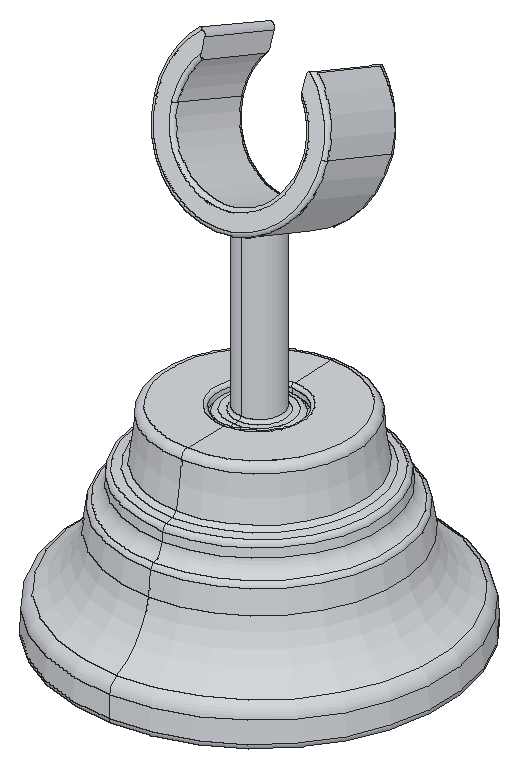
Revit family "Accessory-Handshower_Holder-KOHLER-Bancroft-K-10599", category Specialty Equipment, host Face, Revit 2015
Parameters (values of type "CP-Polished Chrome")
  Width = 2 1/2"  # constant formula
  URL = "https://www.us.kohler.com/us/"
  Type = 1
  Product Page URL = "http://www.us.kohler.com/us/catalog/productDetails.jsp?productNumber=10599"
  Product Name = "Bancroft"  # constant formula
  Product Documentation Link = "http://www.us.kohler.com/onlinecatalog/pdf/K-10599_spec.pdf"
  Model = if(Type = 1, "K-10599-CP", if(Type = 2, "K-10599-SN", if(Type = 3, "K-10599-BN", if(Type = 4, "K-10599-BV", if(Type = 5, "K-10599-2BZ", if(Type = 6, "K-10599-BKB", "NA"))))))  # "K-10599-CP"
  Material = "Solid Brass Construction"  # constant formula
  MasterFormat 2004 = "10.28.13"  # constant formula
  MasterFormat 1995 = "10820"  # constant formula
  Manufacturer Address = "444 Highland Dr, Kohler, WI 53044"  # constant formula
  Manufacturer = "KOHLER Co."  # constant formula
  Length = 3 1/2"  # constant formula
  Height = 2 1/2"  # constant formula
  Finish = Kohler-Metal-CP-Polished_Chrome
  Environmental Product Declaration = ""
  Description = "Adjustable wall-mount handshower holder"  # constant formula
  Default Elevation = 42"
  Declare Label = ""
  Date Modified = "11/21/2018"  # constant formula
  Date Created = "11/21/2018"  # constant formula
  Copyright = "Copyright KOHLER Co."  # constant formula
  Contact Us = "https://www.us.kohler.com/us/static/contact.jsp"
  Assembly Code = "C1030200"
  ADA Compliant = 1 = 0  # no
Types (7): name | Type | Model | Finish
  (no name) | 1 | "K-10599-CP" | Kohler-Metal-CP-Polished_Chrome
  CP-Polished Chrome | 1 | "K-10599-CP" | Kohler-Metal-CP-Polished_Chrome
  SN-Vibrant Polished Nickel | 2 | "K-10599-SN" | Kohler-Metal-SN-Vibrant_Polished_Nickel
  BN-Vibrant Brushed Nickel | 3 | "K-10599-BN" | Kohler-Metal-BN-Vibrant_Brushed_Nickel
  BV-Vibrant Brushed Bronze | 4 | "K-10599-BV" | Kohler-Metal-BV-Brushed_Bronze
  2BZ-Oil Rubbed Bronze | 5 | "K-10599-2BZ" | Kohler-Metal-2BZ-Oil_Rubbed_Bronze
  BKB-Brushed Black | 6 | "K-10599-BKB" | Kohler-Metal-BKB-Brushed_Black
Reference planes (in)
  plane 1 "Center (Front/Back)": y = 0
  plane 2: z = 0
  plane 3 "Center (Left/Right)": x = 0
  plane 4: x = -1.25
  plane 5: x = 1.25
  plane 6: z = 3.5
  plane 7: y = 1.25
  plane 8: y = -1.25
Dimensions and locks (in)
  "Width": plane 4 to plane 5
  "Height": plane 8 to plane 7
  "Length": plane 6 to level
  aligned and locked: plane 2 to host face
  aligned and locked: level to host face
Automatic sketch dimensions
  host sketch curve to host sketch curve = 96"  (x2)
Nested families (in)
  nested 1: "K-10599" at (0, 0, 0), type "K-10599"
Definition of nested family "K-10599"
  Parameters (values of type "K-10599")
    Material = none
  Reference planes (in)
    plane 1 "Center (Front/Back)": y = 0
    plane 2: z = 0
    plane 3 "Center (Left/Right)": x = 0
    plane 4: x = -1.25
    plane 5: x = 1.25
    plane 6: y = 1.25
    plane 7: y = -1.25
    plane 8: z = 3.5
  Forms (in)
    Revolve 1, solid, material <- "Material", detail levels medium+fine
      sketch origin (0, 0, 0) x (0, 1, 0) y (0, 0, 1)
        loop
          line (0, 0) -> (1.21127, 0)
          arc (1.21127, 0) -> (1.23915, 0.01183) -> (1.25, 0.0401) r 0.03875
          line (1.25, 0.0401) -> (1.2437, 0.18021)
          arc (1.2437, 0.18021) -> (1.22663, 0.23308) -> (1.18498, 0.26986) r 0.1051
          arc (1.18498, 0.26986) -> (1.01103, 0.4157) -> (0.92482, 0.62569) r 0.47404
          line (0.92482, 0.62569) -> (0.90265, 0.7746)
          arc (0.90265, 0.7746) -> (0.89409, 0.79465) -> (0.8768, 0.80794) r 0.04307
          arc (0.8768, 0.80794) -> (0.82838, 0.84633) -> (0.80671, 0.9042) r 0.1154
          line (0.80671, 0.9042) -> (0.80156, 0.96306)
          arc (0.80156, 0.96306) -> (0.79338, 0.98504) -> (0.77357, 0.99762) r 0.03682
          line (0.77357, 0.99762) -> (0.72144, 1.01046) -> (0.685, 1.03201)
          arc (0.685, 1.03201) -> (0.65902, 1.17597) -> (0.65032, 1.32201) r 1.22979
          arc (0.65032, 1.32201) -> (0.63568, 1.35736) -> (0.60033, 1.372) r 0.04999
          line (0.60033, 1.372) -> (0.29224, 1.372)
          arc (0.29224, 1.372) -> (0.2767, 1.36556) -> (0.27026, 1.35002) r 0.02198
          line (0.27026, 1.35002) -> (0.27026, 1.3106) -> (0, 1.3106) -> (0, 0)
        axis (0, 1.372) -> (0, 0)
      angle from 0 to 360
    Revolve 2, solid, material <- "Material", detail levels medium+fine
      sketch origin (0, -0.27746, 0.00487) x (0, 0.965926, -0.258819) y (0, 0.258819, 0.965926)
        loop
          arc (0.08502, 1.4105) -> (0.07005, 1.41247) -> (0.06086, 1.42445) r 0.01973
          line (0.06086, 1.42445) -> (-0.23371, 2.52379) -> (-0.3786, 2.48497) -> (-0.0365, 1.20823) -> (0.31151, 1.30148)
          arc (0.31151, 1.30148) -> (0.24694, 1.36871) -> (0.16805, 1.41837) r 0.3833
          arc (0.16805, 1.41837) -> (0.14825, 1.42373) -> (0.12782, 1.42197) r 0.05875
          line (0.12782, 1.42197) -> (0.08502, 1.4105)
        axis (-0.3786, 2.48497) -> (-0.0365, 1.20823)
      angle from 0 to 360
    Sweep 3, solid, material <- "Material", detail levels medium+fine
      path origin (0.00084, -0.52961, 0.08911) x (1, 0, 0) y (0, 0.34202, 0.939693)
        loop
          circle (0, 2.95332) r 0.57881
      profile origin (0.00084, 0.67845, 3.40822) x (0, -0.34202, -0.939693) y (0, -0.939693, 0.34202)
        loop
          arc (0.15402, 0.66743) -> (0.14716, 0.684) -> (0.13058, 0.69086) r 0.02344
          line (0.13058, 0.69086) -> (0.0266, 0.69087)
          arc (0.0266, 0.69087) -> (0.01003, 0.684) -> (0.00317, 0.66743) r 0.02344
          line (0.00317, 0.66743) -> (0.00316, 0.1043)
          arc (0.00316, 0.1043) -> (0.01002, 0.08773) -> (0.0266, 0.08087) r 0.02344
          line (0.0266, 0.08087) -> (0.13188, 0.08087)
          arc (0.13188, 0.08087) -> (0.14753, 0.08735) -> (0.15401, 0.103) r 0.02214
          line (0.15401, 0.103) -> (0.15402, 0.66743)
    Extrusion 4, void
      sketch origin (0, -0.54069, 0.11068) x (1, 0, 0) y (0, 0.34202, 0.939693)
        loop
          line (-0.3322, 3.32372) -> (-0.3322, 3.03674) -> (0.34001, 3.03674) -> (0.34001, 3.32372)
          arc (0.34001, 3.32372) -> (0.3678, 3.36146) -> (0.41209, 3.34612) r 0.03952
          line (0.41209, 3.34612) -> (0.41209, 3.61486) -> (-0.40525, 3.61486) -> (-0.40525, 3.34463)
          arc (-0.40525, 3.34463) -> (-0.36084, 3.36171) -> (-0.3322, 3.32372) r 0.03952
      from -0.72984 to 1.32838
    Revolve 5, solid, material <- "Material", detail levels coarse
      sketch origin (0, 0, 0) x (0, 1, 0) y (0, 0, 1)
        loop
          line (1.25, 0) -> (1.25, 0.26654) -> (0.63094, 1.372) -> (0, 1.372) -> (0, 0) -> (1.25, 0)
        axis (0, 1.372) -> (0, 0)
      angle from 0 to 360
    Extrusion 6, solid, material <- "Material", detail levels coarse
      sketch origin (0, 0.08493, -0.00795) x (1, 0, 0) y (0, 1, 0)
        loop
          circle (0, -0.08493) r 0.15213
      from 1.17433 to 2.68457
    Extrusion 7, solid, material <- "Material", detail levels coarse
      sketch origin (-0.00108, -0.47885, 0.13804) x (1, 0, 0) y (0, 0.34202, 0.939693)
        loop
          circle (0, 2.88241) r 0.56798
      from 0.11102 to 0.72102
  Cuts and joins
    joined: Revolve 5, Extrusion 6, Extrusion 7
    Extrusion 4 cuts Sweep 3
    joined: Revolve 1, Revolve 2, Sweep 3
  Lines and regions (in)
    Masking region 1
      outline origin (0, 0, 0) x (0, 1, 0) y (0, 0, 1)
        loop
          line (-1.21127, 0) -> (1.21127, 0)
          arc (1.21127, 0) -> (1.23915, 0.01183) -> (1.25, 0.0401) r 0.03875
          line (1.25, 0.0401) -> (1.2437, 0.18021)
          arc (1.2437, 0.18021) -> (1.22663, 0.23308) -> (1.18498, 0.26986) r 0.1051
          arc (1.18498, 0.26986) -> (1.01103, 0.4157) -> (0.92482, 0.62569) r 0.47404
          line (0.92482, 0.62569) -> (0.90265, 0.7746)
          arc (0.90265, 0.7746) -> (0.89409, 0.79465) -> (0.8768, 0.80794) r 0.04307
          arc (0.8768, 0.80794) -> (0.82838, 0.84633) -> (0.80671, 0.9042) r 0.1154
          line (0.80671, 0.9042) -> (0.80156, 0.96306)
          arc (0.80156, 0.96306) -> (0.79338, 0.98504) -> (0.77357, 0.99762) r 0.03682
          line (0.77357, 0.99762) -> (0.72144, 1.01046) -> (0.685, 1.03201)
          arc (0.685, 1.03201) -> (0.65902, 1.17597) -> (0.65032, 1.32201) r 1.22979
          arc (0.65032, 1.32201) -> (0.63568, 1.35736) -> (0.60033, 1.372) r 0.04999
          line (0.60033, 1.372) -> (0.15, 1.372) -> (0.15, 2.3721) -> (0.18554, 2.35917)
          arc (0.18554, 2.35917) -> (0.20346, 2.35995) -> (0.21558, 2.37317) r 0.02344
          line (0.21558, 2.37317) -> (0.54496, 3.27815)
          arc (0.54496, 3.27815) -> (0.54429, 3.29357) -> (0.53291, 3.30401) r 0.02018
          line (0.53291, 3.30401) -> (-0.00239, 3.49884)
          arc (-0.00239, 3.49884) -> (-0.01781, 3.49816) -> (-0.02825, 3.48678) r 0.02018
          line (-0.02825, 3.48678) -> (-0.35763, 2.58181)
          arc (-0.35763, 2.58181) -> (-0.35685, 2.56389) -> (-0.34362, 2.55177) r 0.02344
          line (-0.34362, 2.55177) -> (-0.15, 2.48129) -> (-0.15, 1.372) -> (-0.60033, 1.372)
          arc (-0.60033, 1.372) -> (-0.63568, 1.35736) -> (-0.65032, 1.32201) r 0.04999
          arc (-0.65032, 1.32201) -> (-0.65902, 1.17597) -> (-0.685, 1.03201) r 1.22979
          line (-0.685, 1.03201) -> (-0.72144, 1.01046) -> (-0.77357, 0.99762)
          arc (-0.77357, 0.99762) -> (-0.79338, 0.98504) -> (-0.80156, 0.96306) r 0.03682
          line (-0.80156, 0.96306) -> (-0.80671, 0.9042)
          arc (-0.80671, 0.9042) -> (-0.82838, 0.84633) -> (-0.8768, 0.80794) r 0.1154
          arc (-0.8768, 0.80794) -> (-0.89409, 0.79465) -> (-0.90265, 0.7746) r 0.04307
          line (-0.90265, 0.7746) -> (-0.92482, 0.62569)
          arc (-0.92482, 0.62569) -> (-1.01103, 0.4157) -> (-1.18498, 0.26986) r 0.47404
          arc (-1.18498, 0.26986) -> (-1.22663, 0.23308) -> (-1.2437, 0.18021) r 0.1051
          line (-1.2437, 0.18021) -> (-1.25, 0.0401)
          arc (-1.25, 0.0401) -> (-1.23915, 0.01183) -> (-1.21127, 0) r 0.03875
    Masking region 2
      outline origin (0, 0, 0) x (1, 0, 0) y (0, 0, 1)
        loop
          arc (1.21127, 0) -> (1.23915, 0.01183) -> (1.25, 0.0401) r 0.03875
          line (1.25, 0.0401) -> (1.2437, 0.18021)
          arc (1.2437, 0.18021) -> (1.22663, 0.23308) -> (1.18498, 0.26986) r 0.1051
          arc (1.18498, 0.26986) -> (1.01103, 0.4157) -> (0.92482, 0.62569) r 0.47404
          line (0.92482, 0.62569) -> (0.90265, 0.7746)
          arc (0.90265, 0.7746) -> (0.89409, 0.79465) -> (0.8768, 0.80794) r 0.04307
          arc (0.8768, 0.80794) -> (0.82838, 0.84633) -> (0.80671, 0.9042) r 0.1154
          line (0.80671, 0.9042) -> (0.80156, 0.96306)
          arc (0.80156, 0.96306) -> (0.79338, 0.98504) -> (0.77357, 0.99762) r 0.03682
          line (0.77357, 0.99762) -> (0.72144, 1.01046) -> (0.685, 1.03201)
          arc (0.685, 1.03201) -> (0.65902, 1.17597) -> (0.65032, 1.32201) r 1.22979
          arc (0.65032, 1.32201) -> (0.63568, 1.35736) -> (0.60033, 1.372) r 0.04999
          line (0.60033, 1.372) -> (0.15, 1.372) -> (0.15, 2.37683)
          arc (0.15, 2.37683) -> (0.45522, 2.56291) -> (0.57481, 2.89979) r 0.5343
          line (0.57481, 2.89979) -> (0.57481, 3.0946)
          arc (0.57481, 3.0946) -> (0.52491, 3.31489) -> (0.38551, 3.49261) r 0.51477
          arc (0.38551, 3.49261) -> (0.35086, 3.49681) -> (0.33221, 3.46732) r 0.03265
          line (0.33221, 3.46732) -> (0.33221, 3.14734)
          arc (0.33221, 3.14734) -> (0.378, 3.08016) -> (0.40847, 3.00478) r 0.38049
          arc (0.40847, 3.00478) -> (0, 2.69536) -> (-0.40847, 3.00478) r 0.42433
          arc (-0.40847, 3.00478) -> (-0.378, 3.08016) -> (-0.33221, 3.14734) r 0.38049
          line (-0.33221, 3.14734) -> (-0.33221, 3.46732)
          arc (-0.33221, 3.46732) -> (-0.35086, 3.49681) -> (-0.38551, 3.49261) r 0.03265
          arc (-0.38551, 3.49261) -> (-0.52508, 3.31453) -> (-0.57481, 3.09379) r 0.51477
          line (-0.57481, 3.09379) -> (-0.57481, 2.89979)
          arc (-0.57481, 2.89979) -> (-0.45522, 2.56291) -> (-0.15, 2.37683) r 0.5343
          line (-0.15, 2.37683) -> (-0.15, 1.372) -> (-0.60033, 1.372)
          arc (-0.60033, 1.372) -> (-0.63568, 1.35736) -> (-0.65032, 1.32201) r 0.04999
          arc (-0.65032, 1.32201) -> (-0.65902, 1.17597) -> (-0.685, 1.03201) r 1.22979
          line (-0.685, 1.03201) -> (-0.72144, 1.01046) -> (-0.77357, 0.99762)
          arc (-0.77357, 0.99762) -> (-0.79338, 0.98504) -> (-0.80156, 0.96306) r 0.03682
          line (-0.80156, 0.96306) -> (-0.80671, 0.9042)
          arc (-0.80671, 0.9042) -> (-0.82838, 0.84633) -> (-0.8768, 0.80794) r 0.1154
          arc (-0.8768, 0.80794) -> (-0.89409, 0.79465) -> (-0.90265, 0.7746) r 0.04307
          line (-0.90265, 0.7746) -> (-0.92482, 0.62569)
          arc (-0.92482, 0.62569) -> (-1.01103, 0.4157) -> (-1.18498, 0.26986) r 0.47404
          arc (-1.18498, 0.26986) -> (-1.22663, 0.23308) -> (-1.2437, 0.18021) r 0.1051
          line (-1.2437, 0.18021) -> (-1.25, 0.0401)
          arc (-1.25, 0.0401) -> (-1.23915, 0.01183) -> (-1.21127, 0) r 0.03875
          line (-1.21127, 0) -> (1.21127, 0)
    Masking region 3
      outline origin (0, 0, 0) x (1, 0, 0) y (0, 1, 0)
        loop
          circle (0, 0) r 1.25
    symbolic lines, detail levels medium+fine
      curve 1: line (-1.18498, 0, 0.26986) -> (1.18498, 0, 0.26986)
      curve 2: line (-0.8768, 0, 0.80794) -> (0.8768, 0, 0.80794)
      curve 3: line (-0.77357, 0, 0.99762) -> (0.77357, 0, 0.99762)
      curve 4: line (-0.685, 0, 1.03201) -> (0.685, 0, 1.03201)
      curve 5: line (-0.15, 0, 1.372) -> (0.15, 0, 1.372)
      curve 6: arc (0, 0.15, 2.3721) -> (0, 0.00703, 2.44602) -> (0, -0.15, 2.48129) r 0.62985
      curve 7: line (0, 0.15, 1.372) -> (0, -0.15, 1.372)
      curve 8: line (0, 0.685, 1.03201) -> (0, -0.685, 1.03201)
      curve 9: line (0, 0.77357, 0.99762) -> (0, -0.77357, 0.99762)
      curve 10: line (0, 0.8768, 0.80794) -> (0, -0.8768, 0.80794)
      curve 11: line (0, 1.18498, 0.26986) -> (0, -1.18498, 0.26986)
      curve 12: line (-0.3322, 0.51956, 0) -> (-0.3322, -0.0565, 0)
      curve 13: arc (-0.3322, 0.30557, 0) -> (0, 0.25135, 0) -> (0.3322, 0.30557, 0) r 1.04478
      curve 14: spline (-0.36918, -0.00647, 0) -> (-0.51321, -0.06993, 0) -> (-0.5733, -0.14807, 0) -> (-0.53963, -0.22811, 0) -> (-0.41769, -0.29696, 0) -> (-0.22745, -0.34336, 0) -> (0, -0.35972, 0) -> (0.22745, -0.34336, 0) -> (0.41769, -0.29696, 0) -> (0.53963, -0.22811, 0) -> (0.5733, -0.14807, 0) -> (0.51321, -0.06993, 0) -> (0.36918, -0.00647, 0)
      curve 15: line (-0.57427, -0.15969, 0) -> (-0.57427, 0.38119, 0)
      curve 16: spline (-0.3672, 0.54429, 0) -> (-0.39731, 0.53391, 0) -> (-0.42546, 0.52274, 0) -> (-0.45151, 0.51083, 0) -> (-0.47533, 0.49824, 0) -> (-0.49682, 0.48504, 0) -> (-0.51585, 0.4713, 0) -> (-0.53234, 0.45706, 0) -> (-0.54621, 0.44242, 0) -> (-0.55738, 0.42744, 0) -> (-0.56581, 0.41219, 0) -> (-0.57145, 0.39675, 0) -> (-0.57427, 0.38119, 0)
      curve 17: circle (0, 0, 0) r 0.80156 normal (0, 0, -1)
      curve 18: circle (0, 0, 0) r 0.72144 normal (0, 0, -1)
      curve 19: arc (-0.4626, 0.5052, 0) -> (0, 0.685, 0) -> (0.4626, 0.5052, 0) r 0.685
      curve 20: arc (-0.57427, 0.30752, 0) -> (0, -0.65142, 0) -> (0.57427, 0.30752, 0) r 0.65142
      curve 21: spline (-0.34769, -0.07608, 0) -> (-0.41215, -0.12266, 0) -> (-0.42257, -0.17383, 0) -> (-0.37758, -0.22289, 0) -> (-0.28308, -0.26339, 0) -> (-0.15147, -0.29003, 0) -> (0, -0.29931, 0) -> (0.15147, -0.29003, 0) -> (0.28308, -0.26339, 0) -> (0.37758, -0.22289, 0) -> (0.42257, -0.17383, 0) -> (0.41215, -0.12266, 0) -> (0.34769, -0.07608, 0)
      curve 22: arc (0.35618, 0.54542, 0) -> (0, 0.65142, 0) -> (-0.35618, 0.54542, 0) r 0.65142
      curve 23: arc (0.57427, 0.37342, 0) -> (0, -0.685, 0) -> (-0.57427, 0.37342, 0) r 0.685
      curve 24: arc (-0.3322, -0.0565, 0) -> (-0.33836, -0.06755, 0) -> (-0.34769, -0.07608, 0) r 0.03956
      curve 25: arc (-0.3322, 0.51956, 0) -> (-0.3444, 0.54125, 0) -> (-0.36918, 0.54356, 0) r 0.02682
      curve 26: line (0.57427, -0.15969, 0) -> (0.57427, 0.38119, 0)
      curve 27: spline (0.36918, 0.54365, 0) -> (0.39901, 0.53327, 0) -> (0.4269, 0.52212, 0) -> (0.4527, 0.51024, 0) -> (0.4763, 0.49769, 0) -> (0.49757, 0.48454, 0) -> (0.51641, 0.47085, 0) -> (0.53274, 0.45668, 0) -> (0.54647, 0.4421, 0) -> (0.55754, 0.42719, 0) -> (0.56588, 0.41202, 0) -> (0.57147, 0.39666, 0) -> (0.57427, 0.38119, 0)
      curve 28: arc (0.3322, -0.0565, 0) -> (0.33836, -0.06755, 0) -> (0.34769, -0.07608, 0) r 0.03956
      curve 29: arc (-0.3322, -0.0364, 0) -> (-0.34286, -0.01175, 0) -> (-0.36918, -0.00647, 0) r 0.02894
      curve 30: line (-0.36918, -0.00647, 0) -> (-0.36918, 0.54356, 0)
      curve 31: line (0.3322, 0.51956, 0) -> (0.3322, -0.0565, 0)
      curve 32: arc (0.3322, 0.51956, 0) -> (0.3444, 0.54125, 0) -> (0.36918, 0.54356, 0) r 0.02682
      curve 33: arc (0.3322, -0.0364, 0) -> (0.34286, -0.01175, 0) -> (0.36918, -0.00647, 0) r 0.02894
      curve 34: line (0.36918, -0.00647, 0) -> (0.36918, 0.54356, 0)
      curve 35: arc (0.15622, 0.26309, 0) -> (0, 0.30598, 0) -> (-0.15622, 0.26309, 0) r 0.30598
      curve 36: arc (0.17702, 0.26645, 0) -> (0, 0.3199, 0) -> (-0.17702, 0.26645, 0) r 0.3199
      curve 37: arc (0.08997, 0.25523, 0) -> (0, 0.27062, 0) -> (-0.08997, 0.25523, 0) r 0.27062
      curve 38: arc (-0.40847, 0, 3.00478) -> (-0.41863, 0, 2.96138) -> (-0.42393, 0, 2.91713) r 0.40191
      curve 39: arc (0.40847, 0, 3.00478) -> (0.41863, 0, 2.96138) -> (0.42393, 0, 2.91713) r 0.40191
      curve 40: arc (-0.15, 0, 2.37683) -> (0, 0, 2.35744) -> (0.15, 0, 2.37683) r 0.58987
  Dimensions and locks (in)
    aligned and locked: level to plane 2
